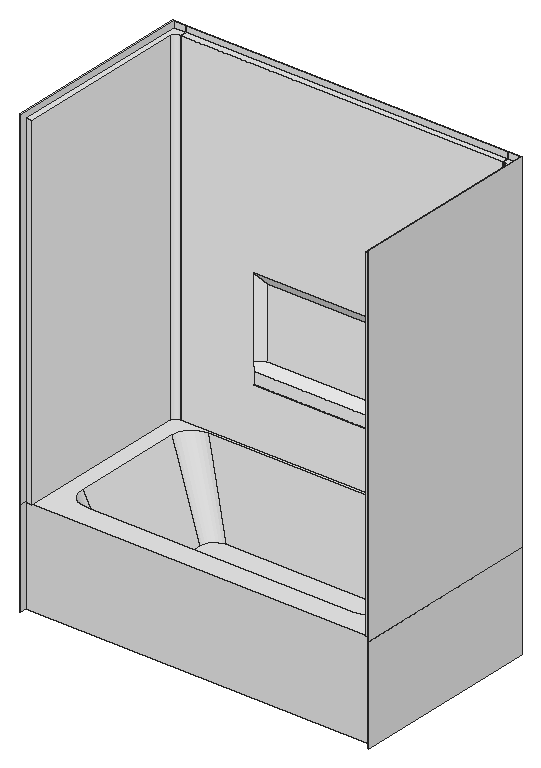
Revit family "4LRTS6032.V2", category Plumbing Fixtures, Revit 2017
Family settings
  Round Connector Dimension = Use Diameter
  Part Type = Normal
  OmniClass Number = 23.45.05.14.17
  OmniClass Title = Showers
  Work Plane-Based = No
  Always vertical = Yes
  Cut with Voids When Loaded = No
  Shared = No
  Room Calculation Point = No
Parameters (values of type "4LRTS6032.V2")
  Unit Width = 60"
  Unit Height = 76 3/4"
  URL = "http://www.bestbath.com"
  Type Comments = "Remodeler"
  Model = "4LRTS6032.V2"
  Material [instance] = Best Bath Gelcoat Fiberglass - RealTile
  Manufacturer = "Best Bath Systems, Inc."
  Keynote = "22 40 00.D3"
  Description = "Real Tile Finish"
  Assembly Code = "D2010700"
Reference planes (in)
  plane 1 "Back": y = 0
  plane 2: z = 0.25
  plane 3 "Left": x = 0
  plane 4: x = 60
  plane 5: y = -32
  plane 6: z = 76
  plane 7: z = 77
  plane 8: x = 52
  plane 9: z = 16.75
  plane 10: y = -16
  plane 11: y = -1.25
  plane 12: x = 10
  plane 13: x = 55.5
  plane 14: y = -4.375
  plane 15: y = -25.5
  plane 16: y = -1.875
  plane 17: y = -28
  plane 18: x = 4
  plane 19: x = 57
  plane 20: x = 1.25
  plane 21: x = 58.75
  plane 22: y = -33
  plane 23: z = 30.25
Forms (in)
  Extrusion 1, solid, material "Best Bath Gelcoat Fiberglass - Smooth"
    sketch origin (0, 0, 0.25) x (1, 0, 0) y (0, 1, 0)
      loop
        line (60, -32) -> (60, 0) -> (57.75, 0) -> (57.75, -1.25)
        arc (57.75, -1.25) -> (58.45711, -1.54289) -> (58.75, -2.25) r 1
        line (58.75, -2.25) -> (58.75, -32) -> (60, -32)
      loop
        line (0, 0) -> (0, -32) -> (1.25, -32) -> (1.25, -2.25)
        arc (1.25, -2.25) -> (1.54289, -1.54289) -> (2.25, -1.25) r 1
        line (2.25, -1.25) -> (2.25, 0) -> (0, 0)
    from 16.5 to 75.75
  Extrusion 2, solid, material "Best Bath Gelcoat Fiberglass - Smooth"
    sketch origin (0, 0, 0.25) x (1, 0, 0) y (0, 1, 0)
      loop
        line (0, -32) -> (60, -32) -> (60, 0) -> (0, 0) -> (0, -32)
      loop
        circle (52, -16) r 1.5
    from 0 to 16.5
  Blend 3, void
    base sketch origin (0, 0, 0.25) x (1, 0, 0) y (0, 1, 0)
      loop
        arc (12.5, -4.375) -> (10.73223, -5.10723) -> (10, -6.875) r 2.5
        line (10, -6.875) -> (10, -23)
        arc (10, -23) -> (10.73223, -24.76777) -> (12.5, -25.5) r 2.5
        line (12.5, -25.5) -> (53.5, -25.5)
        arc (53.5, -25.5) -> (54.91421, -24.91421) -> (55.5, -23.5) r 2
        line (55.5, -23.5) -> (55.5, -6.375)
        arc (55.5, -6.375) -> (54.91421, -4.96079) -> (53.5, -4.375) r 2
        line (53.5, -4.375) -> (12.5, -4.375)
    top sketch origin (0, 0, 0.25) x (1, 0, 0) y (0, 1, 0)
      loop
        arc (7.5, -1.875) -> (5.02513, -2.90013) -> (4, -5.375) r 3.5
        line (4, -5.375) -> (4, -24.5)
        arc (4, -24.5) -> (5.02513, -26.97487) -> (7.5, -28) r 3.5
        line (7.5, -28) -> (53.5, -28)
        arc (53.5, -28) -> (55.97487, -26.97487) -> (57, -24.5) r 3.5
        line (57, -24.5) -> (57, -5.375)
        arc (57, -5.375) -> (55.97487, -2.90013) -> (53.5, -1.875) r 3.5
        line (53.5, -1.875) -> (7.5, -1.875)
    from 2.23617 to 16.5
  Extrusion 4, solid, material "Best Bath Gelcoat Fiberglass - Smooth"
    sketch origin (0, 0, 0.25) x (1, 0, 0) y (0, 1, 0)
      loop
        line (2.25, -1.25) -> (57.75, -1.25) -> (57.75, 0) -> (2.25, 0) -> (2.25, -1.25)
    from 16.5 to 75.75
  Extrusion 5, solid, material "Best Bath Gelcoat Fiberglass - Smooth"
    sketch origin (0, 0, 0.25) x (1, 0, 0) y (0, 1, 0)
      loop
        line (0, -32) -> (0, -33) -> (0.125, -33) -> (0.125, -32) -> (0, -32)
      loop
        line (60, -32) -> (59.875, -32) -> (59.875, -33) -> (60, -33) -> (60, -32)
    from 0 to 16.5
  Extrusion 6, solid, material "Best Bath Gelcoat Fiberglass - Smooth"
    sketch origin (0, 0, 0.25) x (1, 0, 0) y (0, 1, 0)
      loop
        line (2.25, 0) -> (2.25, -0.125) -> (57.75, -0.125) -> (57.75, 0) -> (2.25, 0)
    from 75.75 to 76.75
  Extrusion 7, solid, material "Best Bath Gelcoat Fiberglass - Smooth"
    sketch origin (0, 0, 0.25) x (1, 0, 0) y (0, 1, 0)
      loop
        line (0, -33) -> (0.125, -33) -> (0.125, -0.125) -> (2.25, -0.125) -> (2.25, 0) -> (0, 0) -> (0, -33)
      loop
        line (60, -33) -> (60, 0) -> (57.75, 0) -> (57.75, -0.125) -> (59.875, -0.125) -> (59.875, -33) -> (60, -33)
    from 16.5 to 76.75
  Blend 8, solid, material "Best Bath Gelcoat Fiberglass - Smooth"
    base sketch origin (1.5, -33, 0) x (1, 0, 0) y (0, 0, 1)
      loop
        line (13.375, 30.25) -> (13.375, 26.5) -> (43.625, 26.5) -> (43.625, 30.25) -> (13.375, 30.25)
    top sketch origin (1.5, -33, 0) x (1, 0, 0) y (0, 0, 1)
      loop
        line (15.375, 30.25) -> (15.375, 28.25) -> (41.625, 28.25) -> (41.625, 30.25) -> (15.375, 30.25)
    from -31.75 to -29.5
  Blend 9, void
    base sketch origin (1.5, -33, 0) x (1, 0, 0) y (0, 0, 1)
      loop
        line (13.375, 30.25) -> (43.625, 30.25) -> (43.625, 43.75) -> (13.375, 43.75) -> (13.375, 30.25)
    top sketch origin (1.5, -33, 0) x (1, 0, 0) y (0, 0, 1)
      loop
        line (14.875, 30.25) -> (42.125, 30.25) -> (42.125, 42.25) -> (14.875, 42.25) -> (14.875, 30.25)
    from -31.75 to -32.75
Cuts and joins
  Blend 3 cuts Extrusion 2
  joined: Extrusion 2, Extrusion 5
  Blend 9 cuts Extrusion 4
  joined: Extrusion 4, Extrusion 6, Blend 8
  joined: Extrusion 1, Extrusion 7
Lines and regions (in)
  Split face 1
    outline origin (0, -32, 16.75) x (0, 0, -1) y (1, 0, 0)
      loop
        line (12.5, 1.5) -> (12.53488, 1.5) -> (12.53488, 58.5) -> (12.5, 58.5) -> (12.5, 1.5)
Dimensions and locks (in)
  "Unit Width": plane 3 "Left" to plane 4
  locked: plane 7 to plane 6 at 1
  "Unit Height": plane 7 to level
  plane 3 "Left" to plane 8 to plane 4 = 52", 8"
  plane 10 to plane 1 "Back" = 16"
  locked: plane 13 to plane 4 at 4.5
  locked: plane 15 to plane 5 at 6.5
  locked: plane 3 "Left" to plane 12 at 10
  locked: plane 16 to plane 1 "Back" at 1.875
  locked: plane 17 to plane 5 at 4
  locked: plane 19 to plane 4 at 3
  locked: plane 3 "Left" to plane 18 at 4
  plane 9 to level = 16 1/2"
  locked: plane 11 to plane 1 "Back" at 1.25
  locked: plane 3 "Left" to plane 20 at 1.25
  locked: plane 21 to plane 4 at 1.25
  locked: Extrusion 1 to plane 14 at 4.375
  locked: plane 5 to plane 22 at 1
  locked: plane 22 to plane 1 "Back" at 33
  locked: plane 23 to plane 9 at 13.5
  radius of Blend 3 sketch curve = 2"  (x2)
  radius of Blend 3 sketch curve = 2 1/2"  (x2)
  radius of Blend 3 sketch curve = 3 1/2"  (x4)
  aligned and locked: level to plane 2
  aligned and locked: plane 6 to Extrusion 1
  aligned and locked: Extrusion 1 sketch curve to plane 4
  aligned and locked: plane 5 to Extrusion 1 sketch curve
  aligned and locked: Extrusion 1 sketch curve to plane 5
  aligned and locked: Extrusion 2 sketch curve to Extrusion 1  (x3)
  aligned and locked: Extrusion 2 sketch curve to plane 1 "Back"
  aligned and locked: plane 10 to Extrusion 2 sketch curve
  aligned and locked: plane 8 to Extrusion 2 sketch curve
  aligned and locked: plane 15 to Blend 3 sketch curve
  aligned and locked: Blend 3 sketch curve to plane 14
  aligned and locked: Blend 3 sketch curve to plane 13
  aligned and locked: plane 12 to Blend 3 sketch curve
  aligned and locked: plane 18 to Blend 3 sketch curve
  aligned and locked: Blend 3 sketch curve to plane 19
  aligned and locked: plane 17 to Blend 3 sketch curve
  aligned and locked: Blend 3 sketch curve to plane 16
  aligned and locked: Extrusion 1 sketch curve to plane 20
  aligned and locked: Extrusion 4 to plane 9
  aligned and locked: plane 6 to Extrusion 4
  aligned and locked: Extrusion 1 to plane 9
  aligned and locked: Blend 3 to Extrusion 1
  aligned and locked: Extrusion 5 to Extrusion 1
  aligned and locked: plane 7 to Extrusion 6
  aligned and locked: Extrusion 6 to Extrusion 1
  aligned and locked: plane 7 to Extrusion 7
  aligned and locked: Extrusion 7 to Extrusion 1
Automatic sketch dimensions
  plane 1 "Back" to Extrusion 4 sketch curve = 0"
  plane 3 "Left" to Extrusion 4 sketch curve = 2 1/4"
  plane 4 to Extrusion 4 sketch curve = 2 1/4"
  Extrusion 4 sketch curve to plane 11 = 0"
  Extrusion 1 sketch curve to plane 3 "Left" = 0"
  plane 1 "Back" to Extrusion 1 sketch curve = 0"  (x2)
  Extrusion 1 sketch curve to plane 11 = 0"  (x2)
  Extrusion 1 sketch curve to plane 21 = 0"
  plane 20 to Extrusion 1 sketch curve = 1"
  Extrusion 1 sketch curve to plane 11 = 1"
  Blend 3 sketch curve to plane 14 = 0"
  Split face 1 sketch curve to Split face 1 sketch curve = 0.03488"
  Split face 1 sketch curve to cut or joined group of Extrusion 2, Blend 3, Extrusion 5 = 1 1/2"  (x2)
  Split face 1 sketch curve to cut or joined group of Extrusion 2, Blend 3, Extrusion 5 = 4"
  Extrusion 5 sketch curve to plane 3 "Left" = 0"
  Extrusion 5 sketch curve to plane 22 = 0"  (x2)
  Extrusion 5 sketch curve to plane 5 = 0"  (x2)
  Extrusion 5 sketch curve to plane 4 = 0"
  plane 3 "Left" to Extrusion 5 sketch curve = 1/8"
  Extrusion 5 sketch curve to Extrusion 5 sketch curve = 1/8"
  plane 1 "Back" to Extrusion 6 sketch curve = 0"
  plane 3 "Left" to Extrusion 6 sketch curve = 2 1/4"
  plane 4 to Extrusion 6 sketch curve = 2 1/4"
  Extrusion 6 sketch curve to Extrusion 6 sketch curve = 1/8"
  Extrusion 7 sketch curve to plane 3 "Left" = 0"
  Extrusion 7 sketch curve to plane 22 = 0"  (x2)
  plane 1 "Back" to Extrusion 7 sketch curve = 0"  (x2)
  Extrusion 7 sketch curve to plane 4 = 0"
  plane 3 "Left" to Extrusion 7 sketch curve = 1/8"
  plane 1 "Back" to Extrusion 7 sketch curve = 1/8"  (x2)
  Extrusion 7 sketch curve to Extrusion 7 sketch curve = 2 1/8"
  plane 4 to Extrusion 7 sketch curve = 2 1/4"
  plane 4 to Extrusion 7 sketch curve = 1/8"
  Blend 8 sketch curve to plane 23 = 0"  (x2)
  Blend 8 sketch curve to plane 23 = 3 3/4"
  plane 3 "Left" to Blend 8 sketch curve = 14 7/8"
  plane 8 to Blend 8 sketch curve = 6 7/8"
  Blend 8 sketch curve to plane 23 = 2"
  plane 3 "Left" to Blend 8 sketch curve = 16 7/8"
  plane 8 to Blend 8 sketch curve = 8 7/8"
  Blend 9 sketch curve to plane 23 = 0"  (x2)
  plane 3 "Left" to Blend 9 sketch curve = 14 7/8"
  plane 8 to Blend 9 sketch curve = 6 7/8"
  Blend 9 sketch curve to Blend 9 sketch curve = 13 1/2"
  plane 3 "Left" to Blend 9 sketch curve = 16 3/8"
  plane 8 to Blend 9 sketch curve = 8 3/8"
  plane 23 to Blend 9 sketch curve = 12"
  radius of Extrusion 2 sketch curve = 1 1/2"
